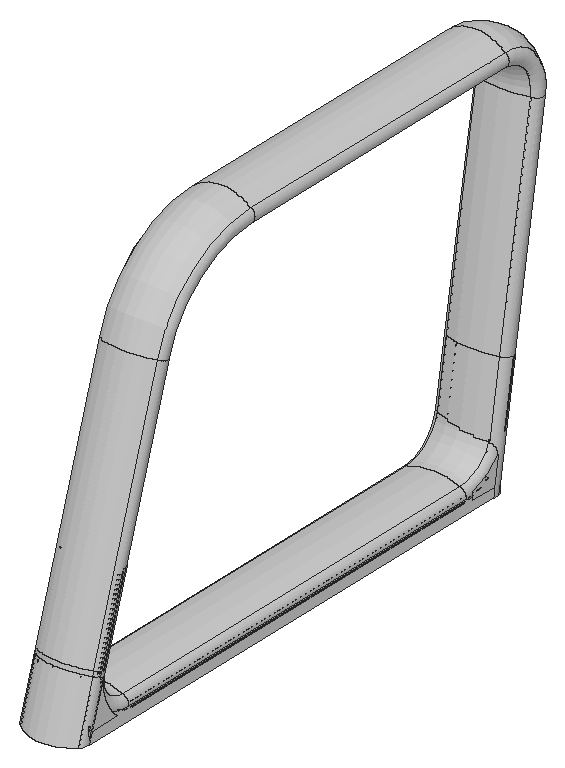
Revit family "FU_Modular_Sandler_Lin 1210", category Furniture, Revit 2022
Family settings
  OmniClass Number = 23.40.20.00
  OmniClass Title = General Furniture and Specialties
  Work Plane-Based = No
  Always vertical = Yes
  Cut with Voids When Loaded = No
  Render Appearance Source = Family Geometry
  Shared = No
  Room Calculation Point = No
Parameters (values of type "Lin Tapiz 1210")
  Width = 36.602 mm
  URL = "https://www.sandlerseating.com/product/lin-tapiz-1210/"
  Model = "Lin Tapiz 1210"
  Manufacturer = "Sandler"
  Height = 627.456 mm
  Description = "Side arm for Lin Bench made of injected aluminum alloy.\r\nGreenguard Gold-certified to protect indoor air quality."
  Arm [instance] = Metal - Chrome - Polished
  Depth = 557.5 mm
  Default Elevation = 0 mm
Reference planes
  plane 1 "Center (Front/Back)": y = 0
  plane 2: z = 0
  plane 3 "Center (Left/Right)": x = 0
  plane 4 "Right": x = -18.301
  plane 5 "Left": x = 18.301
  plane 6 "Back": y = 278.75
  plane 7 "Front": y = -278.75
  plane 8 "Height": z = 627.456
  plane 9 "Arm Base": z = 407.456
  plane 10 "Arm Front RIGHT": through (4267.2, -265.722, 36.607) normal (0, -0.9483, 0.3173)
  plane 11 "Arm Back Right": through (4267.2, 151.703, 448.951) normal (0, -0.9847, 0.1745)
Forms (mm)
  Sweep 1, solid, material "Metal - Chrome - Polished" <- "Arm"
    path origin (0, 0, 0) x (0, 1, 0) y (0, 0, 1)
      loop
        arc (122.538, 414.472) -> (140.206, 420.898) -> (149.616, 437.174) r 27.5
        line (149.616, 437.174) -> (177.25, 593.118)
        arc (177.25, 593.118) -> (171.792, 613.542) -> (152.634, 622.481) r 25
        line (152.634, 622.481) -> (-25.342, 622.481)
        arc (-25.342, 622.481) -> (-64.077, 609.919) -> (-88.067, 577.016) r 66
        line (-88.067, 577.016) -> (-132.696, 440.695)
        arc (-132.696, 440.695) -> (-129.882, 422.734) -> (-113.689, 414.472) r 20
        line (-113.689, 414.472) -> (122.538, 414.472)
    profile "Pro_Leg Side : Pro_Leg Side" origin (0, 4.425, 414.472) x (0, 0, -1) y (1, 0, 0)
      loop
        arc (2.77, 15.999) -> (-1.819, 17.731) -> (-5.681, 14.706) r 5
        arc (-5.681, 14.706) -> (-8.675, -0.25) -> (-5.727, -15.215) r 39.151
        arc (-5.727, -15.215) -> (-1.875, -18.252) -> (2.72, -16.534) r 5
        arc (2.72, -16.534) -> (8.671, -0.277) -> (2.77, 15.999) r 25.286
  Sweep 2, solid, material "Metal - Chrome - Polished" <- "Arm"
    path origin (0, 1.146, 1.108) x (0, 1, 0) y (0, 0, 1)
      loop
        line (-142.243, 414.472) -> (144.644, 414.472)
    profile "Pro_Leg Top : Pro_Leg Top" origin (0, 2.346, 415.58) x (0, 0, 1) y (1, 0, 0)
      loop
        arc (3.116, 15.59) -> (2.133, 17.067) -> (0.488, 17.73) r 3.001
        arc (0.488, 17.73) -> (-13.58, 18.071) -> (-27.591, 16.756) r 119.5
        arc (-27.591, 16.756) -> (-36.139, 15.121) -> (-44.545, 12.869) r 119.5
        spline (-44.545, 12.869) -> (-49.137, 11.361) -> (-53.094, 9.519) -> (-56.3, 7.396) -> (-58.66, 5.055) -> (-60.104, 2.565) -> (-60.59, 0) -> (-60.104, -2.565) -> (-58.66, -5.055) -> (-56.3, -7.396) -> (-53.094, -9.519) -> (-49.137, -11.361) -> (-44.545, -12.869)
        arc (-44.545, -12.869) -> (-36.139, -15.121) -> (-27.591, -16.756) r 119.5
        arc (-27.591, -16.756) -> (-13.58, -18.071) -> (0.488, -17.73) r 119.5
        arc (0.488, -17.73) -> (2.237, -16.978) -> (3.182, -15.324) r 3.001
        arc (3.182, -15.324) -> (5.371, 0.138) -> (3.116, 15.59) r 54.886
  Sweep 3, solid, material "Metal - Chrome - Polished" <- "Arm"
    path origin (0, -0.584, 0.223) x (0, 1, 0) y (0, 0, 1)
      loop
        line (142.227, 393.307) -> (156.185, 472.08)
    profile "Pro_Leg Side : Pro_Leg Side" origin (0, 148.622, 432.917) x (0, -0.98466, 0.174484) y (1, 0, 0)
      loop
        arc (-2.77, -15.999) -> (1.819, -17.731) -> (5.681, -14.706) r 5
        arc (5.681, -14.706) -> (8.675, 0.25) -> (5.727, 15.215) r 39.151
        arc (5.727, 15.215) -> (1.875, 18.252) -> (-2.72, 16.534) r 5
        arc (-2.72, 16.534) -> (-8.671, 0.277) -> (-2.77, -15.999) r 25.286
  Sweep 4, solid, material "Metal - Chrome - Polished" <- "Arm"
    path origin (0, -1.228, -0.234) x (0, 1, 0) y (0, 0, 1)
      loop
        line (-147.865, 390.059) -> (-116.303, 486.466)
    profile "Pro_Leg Side : Pro_Leg Side" origin (0, -133.312, 438.029) x (0, -0.950365, 0.311137) y (1, 0, 0)
      loop
        arc (2.77, 15.999) -> (-1.819, 17.731) -> (-5.681, 14.706) r 5
        arc (-5.681, 14.706) -> (-8.675, -0.25) -> (-5.727, -15.215) r 39.151
        arc (-5.727, -15.215) -> (-1.875, -18.252) -> (2.72, -16.534) r 5
        arc (2.72, -16.534) -> (8.671, -0.277) -> (2.77, 15.999) r 25.286
  Extrusion 5, void
    sketch origin (0, 0, 0) x (0, 1, 0) y (0, 0, 1)
      loop
        line (-196.207, 407.456) -> (-196.207, 352.456) -> (183.793, 352.456) -> (183.793, 407.456) -> (-196.207, 407.456)
    from -20 to 20
  Extrusion 6, solid, material "Metal - Chrome - Polished" <- "Arm"
    sketch origin (0, 0, 0) x (0, 1, 0) y (0, 0, 1)
      loop
        line (-139.561, 413.663) -> (-121.707, 413.663)
        arc (-121.707, 413.663) -> (-129.579, 423.809) -> (-131.943, 436.431) r 27.311
        line (-131.943, 436.431) -> (-139.561, 413.663)
    from -18 to 18
  Extrusion 7, solid, material "Metal - Chrome - Polished" <- "Arm"
    sketch origin (0, 0, 0) x (0, 1, 0) y (0, 0, 1)
      loop
        line (127.379, 416.844) -> (127.379, 412.442) -> (145.234, 412.442) -> (149.022, 433.817)
        arc (149.022, 433.817) -> (140.056, 422.964) -> (127.379, 416.844) r 32.951
    from -18 to 18
Cuts and joins
  Extrusion 5 cuts Sweep 4
  Extrusion 5 cuts Sweep 1
  Extrusion 5 cuts Sweep 2
  Extrusion 5 cuts Sweep 3
Dimensions and locks
  equal spacing: plane 4 "Right", plane 3 "Center (Left/Right)", plane 5 "Left"
  "Width": plane 4 "Right" to plane 5 "Left"
  equal spacing: plane 6 "Back", plane 1 "Center (Front/Back)", plane 7 "Front"
  "Depth": plane 6 "Back" to plane 7 "Front"
  plane 8 "Height" to plane 9 "Arm Base" = 220 mm
  plane 9 "Arm Base" to level = 407.456 mm
  aligned and locked: level to plane 2
Automatic sketch dimensions
  Sweep 1 sketch curve to plane 11 "Arm Back Right" = 0 mm  (x2)
  plane 9 "Arm Base" to Sweep 1 sketch curve = 33.239 mm
  plane 1 "Center (Front/Back)" to Sweep 1 sketch curve = 132.696 mm
  Sweep 1 sketch curve to Sweep 1 sketch curve = 19.007 mm
  plane 1 "Center (Front/Back)" to Sweep 1 sketch curve = 88.067 mm
  Sweep 1 sketch curve to plane 8 "Height" = 4.975 mm
  plane 1 "Center (Front/Back)" to Sweep 1 sketch curve = 25.342 mm
  plane 9 "Arm Base" to Sweep 1 sketch curve = 7.016 mm
  Sweep 1 sketch curve to plane 1 "Center (Front/Back)" = 122.538 mm
  plane 9 "Arm Base" to Sweep 1 sketch curve = 29.718 mm
  Sweep 1 sketch curve to plane 6 "Back" = 126.116 mm
  Sweep 1 sketch curve to plane 8 "Height" = 34.338 mm
  Sweep 1 sketch curve to Sweep 1 sketch curve = 66 mm
  Sweep 3 sketch curve to plane 9 "Arm Base" = 13.925 mm
  Sweep 3 sketch curve to plane 6 "Back" = 137.107 mm
  Sweep 3 sketch curve to Sweep 3 sketch curve = 13.959 mm
  plane 9 "Arm Base" to Sweep 3 sketch curve = 64.847 mm
  Sweep 4 sketch curve to plane 9 "Arm Base" = 17.63 mm
  plane 1 "Center (Front/Back)" to Sweep 4 sketch curve = 117.531 mm
  plane 9 "Arm Base" to Sweep 4 sketch curve = 78.776 mm
  Sweep 4 sketch curve to Sweep 4 sketch curve = 31.562 mm
  Extrusion 5 sketch curve to plane 9 "Arm Base" = 0 mm
  plane 7 "Front" to Extrusion 5 sketch curve = 82.543 mm
  Extrusion 5 sketch curve to plane 6 "Back" = 94.957 mm
  Extrusion 5 sketch curve to Extrusion 5 sketch curve = 55 mm
  Sweep 2 sketch curve to plane 11 "Arm Back Right" = 0 mm
  plane 9 "Arm Base" to Sweep 2 sketch curve = 8.124 mm
  plane 7 "Front" to Sweep 2 sketch curve = 137.652 mm
  Extrusion 6 sketch curve to plane 10 "Arm Front RIGHT" = 0 mm  (x2)
  Extrusion 6 sketch curve to Extrusion 6 sketch curve = 34.891 mm
  Extrusion 6 sketch curve to Extrusion 6 sketch curve = 21.345 mm
  Extrusion 6 sketch curve to Extrusion 6 sketch curve = 7.618 mm
  plane 9 "Arm Base" to Extrusion 6 sketch curve = 6.207 mm
  Extrusion 7 sketch curve to plane 11 "Arm Back Right" = 0 mm  (x2)
  plane 9 "Arm Base" to Extrusion 7 sketch curve = 41.437 mm
  Extrusion 7 sketch curve to plane 1 "Center (Front/Back)" = 119.722 mm
  plane 9 "Arm Base" to Extrusion 7 sketch curve = 4.986 mm
  plane 9 "Arm Base" to Extrusion 7 sketch curve = 26.36 mm
  plane 9 "Arm Base" to Extrusion 7 sketch curve = 9.388 mm
